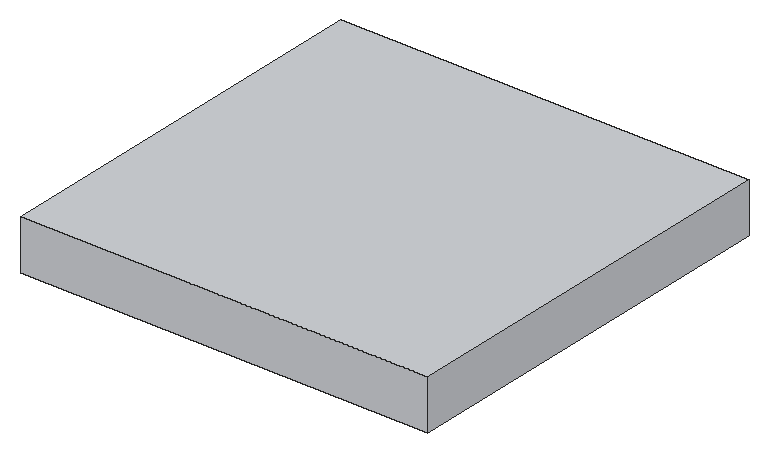
Revit family "TC - Base Wall Drop1", category Data Devices, host Face, Revit 2024
Family settings
  Host = Face
  Round Connector Dimension = Use Diameter
  Part Type = Normal
  OmniClass Number = 23.85.50.17.11
  OmniClass Title = Computer Network Equipment
  Cut with Voids When Loaded = No
  Maintain Annotation Orientation = Yes
  Shared = Yes
  Room Calculation Point = No
Parameters (values of type "TD - 1 Port")
  TC Tagging Order [instance] = ""
  TC Label Quadrant [instance] = 0
  TC Auto Orient Version = 1
  TC Auto Orient [instance] = yes
  Symbol On/Off [instance] = yes
  Shade Right [instance] = # of Ports > 1  # no
  Shade Left [instance] = 1 = 0  # no
  Mounting Type [instance] = "Wall"
  IDF Room [instance] = ""
  Floor [instance] = ""
  Elevation Tag - Rotate [instance] = no
  Elevation Tag [instance] = yes
  Data Elevation [instance] = ""
  Cable ID Tag - Right Rotate [instance] = TC Label Quadrant = 3  # no
  Cable ID Tag - Right [instance] = TC Label Quadrant = 2  # no
  Cable ID Tag [instance] = TC Label Quadrant = 0  # yes
  Cable ID Tag - Rotate [instance] = TC Label Quadrant = 1  # no
  # of Ports Tag - Rotate [instance] = TC Label Quadrant = 1  # no
  # of Ports Tag - Left Rotate [instance] = TC Label Quadrant = 3  # no
  # of Ports Tag - Left [instance] = TC Label Quadrant = 2  # no
  # of Ports Tag [instance] = TC Label Quadrant = 0  # yes
  Faceplate Width = 0' - 2 1/2"
  Faceplate Height = 0' - 4"
  Faceplate Depth = 0' - 0 3/16"
  Description = ""
  Default Elevation = 1' - 6"
  Cable ID Suffix = "TD"
  Backbox Width = 0' - 4"
  Backbox Height = 0' - 4"
  Backbox Depth = 0' - 2"
  Assembly Code = ""
  # of Ports = 1
Types (15): name | Shade Right | Mounting Type | Elevation Tag - Rotate | Elevation Tag | Default Elevation | Cable ID Suffix | # of Ports
  TD - 1 Port | no | "Wall" | no | yes | 1' - 6" | "TD" | 1
  TD - 2 Port | yes | "Wall" | yes | no | 1' - 6" | "TD" | 2
  TD - 4 Port | yes | "Wall" | no | yes | 1' - 6" | "TD" | 4
  RS - 1 Port | no | "Wall" | yes | no | 1' - 6" | "RS" | 1
  AV - 1 Port | no | "Wall" | no | yes | 1' - 6" | "AV" | 1
  AV - 2 Port | yes | "Wall" | no | yes | 1' - 6" | "AV" | 2
  AC - 1 Port | no | "Wall" | no | yes | 1' - 6" | "AC" | 1
  AC - 2 Port | yes | "Wall" | no | yes | 1' - 6" | "AC" | 2
  AV - 4 Port | yes | "Wall" | no | yes | 7' - 6" | "AV" | 4
  TD - 3 Port | yes | "Wall" | no | yes | 1' - 6" | "TD" | 3
  P - 2 Drop | yes | "Wall" | yes | no | 1' - 6" | "P" | 2
  CAM 2 | no | "" | no | yes | 1' - 6" | "CM" | 1
  O 2 | no | "" | no | yes | 1' - 6" | "O" | 0
  AV 2 | no | "" | no | yes | 1' - 6" | "AV" | 0
  AC 2 | yes | "" | no | yes | 1' - 6" | "AC" | 2
Reference planes (in)
  plane 1 "Center (Front/Back)": y = 0
  plane 2: z = 0
  plane 3 "Center (Left/Right)": x = 0
  plane 4 "Left Inside": x = -2
  plane 5 "Right Inside": x = 2
  plane 6 "Top Inside": y = 2
  plane 7 "Bottom Inside": y = -2
  plane 8 "Left Outside": x = -1.25
  plane 9 "Right Outside": x = 1.25
  plane 10 "Top Outside": y = 2
  plane 11 "Bottom Outside": y = -2
  plane 12 "Front": z = 0.1875
  plane 13 "Back": z = -2
Forms (in)
  Extrusion 1, solid
    sketch origin (0, 0, 0) x (1, 0, 0) y (0, 1, 0)
      loop
        line (-49.63881, 48) -> (-49.63881, -48) -> (48, -48) -> (48, 48) -> (-49.63881, 48)
    from 0 to -12
  Extrusion 2, solid, not visible, detail levels fine
    sketch origin (0, 0, 0) x (1, 0, 0) y (0, 1, 0)
      loop
        line (-2, 2) -> (-2, -2) -> (2, -2) -> (2, 2) -> (-2, 2)
    from -0.13408 to -2
  Extrusion 3, solid, not visible, detail levels fine
    sketch origin (0, 0, 0) x (1, 0, 0) y (0, 1, 0)
      loop
        line (-1.25, 2) -> (-1.25, -2) -> (1.25, -2) -> (1.25, 2) -> (-1.25, 2)
    from 0 to 0.1875
  Extrusion 4, solid, detail levels medium
    sketch origin (0, 0, 0) x (1, 0, 0) y (0, 1, 0)
      loop
        line (-1.25, 2) -> (-1.25, -2) -> (1.25, -2) -> (1.25, 2) -> (-1.25, 2)
    from -0.13408 to 0
Lines and regions (in)
  symbolic lines, detail levels fine
    curve 1: line (-1.25, 0, 0) -> (1.25, 0, 0)
    curve 2: line (-1.25, 0, 0.1875) -> (-1.25, 0, 0)
    curve 3: line (1.25, 0, 0.1875) -> (-1.25, 0, 0.1875)
    curve 4: line (1.25, 0, 0) -> (1.25, 0, 0.1875)
Dimensions and locks (in)
  equal spacing: plane 4 "Left Inside", plane 3 "Center (Left/Right)", plane 5 "Right Inside"
  "Backbox Width": plane 4 "Left Inside" to plane 5 "Right Inside"
  equal spacing: plane 6 "Top Inside", plane 1 "Center (Front/Back)", plane 7 "Bottom Inside"
  "Backbox Height": plane 6 "Top Inside" to plane 7 "Bottom Inside"
  equal spacing: plane 8 "Left Outside", plane 3 "Center (Left/Right)", plane 9 "Right Outside"
  "Faceplate Width": plane 8 "Left Outside" to plane 9 "Right Outside"
  equal spacing: plane 10 "Top Outside", plane 1 "Center (Front/Back)", plane 11 "Bottom Outside"
  "Faceplate Height": plane 10 "Top Outside" to plane 11 "Bottom Outside"
  "Faceplate Depth": plane 12 "Front" to plane 2
  "Backbox Depth": plane 2 to plane 13 "Back"
  aligned and locked: plane 2 to Extrusion 1
  aligned and locked: level to Extrusion 1
  aligned and locked: plane 4 "Left Inside" to Extrusion 2 sketch curve
  aligned and locked: Extrusion 2 sketch curve to plane 6 "Top Inside"
  aligned and locked: plane 7 "Bottom Inside" to Extrusion 2 sketch curve
  aligned and locked: Extrusion 2 sketch curve to plane 5 "Right Inside"
  aligned and locked: Extrusion 2 to plane 13 "Back"
  aligned and locked: plane 8 "Left Outside" to Extrusion 3 sketch curve
  aligned and locked: Extrusion 3 sketch curve to plane 10 "Top Outside"
  aligned and locked: plane 11 "Bottom Outside" to Extrusion 3 sketch curve
  aligned and locked: Extrusion 3 sketch curve to plane 9 "Right Outside"
  aligned and locked: plane 12 "Front" to Extrusion 3
  aligned and locked: plane 8 "Left Outside" to curve 2
  aligned and locked: curve 4 to plane 9 "Right Outside"
  aligned and locked: plane 12 "Front" to curve 3
  aligned and locked: curve 1 to level
  aligned and locked: plane 8 "Left Outside" to curve 1
  aligned and locked: Extrusion 4 to plane 8 "Left Outside"
  aligned and locked: plane 6 "Top Inside" to Extrusion 4
  aligned and locked: Extrusion 2 to Extrusion 4
Automatic sketch dimensions
  Extrusion 1 sketch curve to Extrusion 1 sketch curve = 8' - 1.63881"
  Extrusion 1 sketch curve to Extrusion 1 sketch curve = 8' - 0"
  Extrusion 4 sketch curve to plane 8 "Left Outside" = 0' - 0"
  Extrusion 4 sketch curve to plane 9 "Right Outside" = 0' - 0"
  Extrusion 4 sketch curve to plane 7 "Bottom Inside" = 0' - 0"
  Extrusion 4 sketch curve to plane 6 "Top Inside" = 0' - 0"
Nested families (in)
  nested 1: "TC_WALL DROP SYMBOL" at (0, 0, 0), Cable ID Suffix <- "Cable ID Suffix", # of Ports <- "# of Ports", Elevation Tag <- "Elevation Tag", Elevation Tag - Rotate <- "Elevation Tag - Rotate", # of Ports Tag <- "# of Ports Tag", Cable ID Tag <- "Cable ID Tag", Cable ID Tag - Rotate <- "Cable ID Tag - Rotate", visible <- "Symbol On/Off", Shade Left <- "Shade Left", Shade Right <- "Shade Right", # of Ports Tag - Left <- "# of Ports Tag - Left", # of Ports Tag - Left Rotate <- "# of Ports Tag - Left Rotate", Cable ID Tag - Right <- "Cable ID Tag - Right", Cable ID Tag - Right Rotate <- "Cable ID Tag - Right Rotate", # of Ports Tag - Rotate <- "# of Ports Tag - Rotate", Data Elevation <- "Data Elevation", type "TC_WALL DROP SYMBOL"
    with Shade Right no, Shade Left no, Elevation Tag - Rotate no, Elevation Tag yes, Data Elevation "", Cable ID Tag - Rotate no, Cable ID Tag - Right Rotate no, Cable ID Tag - Right no, Cable ID Tag yes, Cable ID Suffix "TD", # of Ports Tag - Rotate no, # of Ports Tag - Left Rotate no, # of Ports Tag - Left no, # of Ports Tag yes, # of Ports 1
Connectors (in)
  electrical at (0, 2, -1.06704)
    settings: on Extrusion 2, index 1, voltage 0 V, apparent load 0 VA, apparent load phase1 0 VA, apparent load phase2 0 VA, apparent load phase3 0 VA, power factor 0, load classification "Other", number of poles 1, system type 5, power factor state 1, is connector primary yes, connector utility no, sub classification motor no, connector description ""
Definition of nested family "TC_WALL DROP SYMBOL"
  Parameters (values of type "TC_WALL DROP SYMBOL")
    Shade Right [instance] = yes
    Shade Left [instance] = no
    Elevation Tag - Rotate [instance] = no
    Elevation Tag [instance] = no
    Data Elevation [instance] = ""
    Cable ID Tag - Rotate [instance] = no
    Cable ID Tag - Right Rotate [instance] = no
    Cable ID Tag - Right [instance] = no
    Cable ID Tag [instance] = yes
    Cable ID Suffix [instance] = ""
    # of Ports Tag - Rotate [instance] = no
    # of Ports Tag - Left Rotate [instance] = no
    # of Ports Tag - Left [instance] = no
    # of Ports Tag [instance] = yes
    # of Ports [instance] = 0
  Reference planes (in)
    plane 1: y = 0
    plane 2: x = 0
  Lines and regions (in)
    Filled region 1, type "Solid Black", visible <- "Shade Right"
      outline origin (0, 0, 0) x (1, 0, 0) y (0, 1, 0)
        loop
          line (0, 0) -> (0.07679, 0.133) -> (0, 0.133) -> (0, 0)
    Filled region 2, type "Solid Black", visible <- "Shade Left"
      outline origin (0, 0, 0) x (1, 0, 0) y (0, 1, 0)
        loop
          line (0, 0) -> (0, 0.133) -> (-0.07679, 0.133) -> (0, 0)
    detail lines
      curve 1: line (-0.07679, 0.133, 0) -> (0.07679, 0.133, 0)
      curve 2: line (0.07679, 0.133, 0) -> (0, 0, 0)
      curve 3: line (-0.07679, 0.133, 0) -> (0, 0, 0)
      curve 4: line (-0.06693, 0, 0) -> (0.06693, 0, 0)
  Text (in)
    label "#" at (0.06898, 0.2146, 0), shows "# of Ports", visible <- "# of Ports Tag"
    label "ID" at (-0.03732, 0.2146, 0), shows "Cable ID Suffix", visible <- "Cable ID Tag"
    label "#" at (0.1093, 0.19382, 0), shows "# of Ports", visible <- "# of Ports Tag - Rotate"
    label "ID" at (-0.08666, 0.26602, 0), shows "Cable ID Suffix", visible <- "Cable ID Tag - Rotate"
    label "Data Elevation" at (0.17412, -0.12459, 0), shows "Data Elevation", visible <- "Elevation Tag - Rotate"
    label "Data Elevation" at (0.083, -0.04006, 0), shows "Data Elevation", visible <- "Elevation Tag"
    label "ID" at (0.06845, 0.2146, 0), shows "Cable ID Suffix", visible <- "Cable ID Tag - Right"
    label "ID" at (0.10866, 0.26602, 0), shows "Cable ID Suffix", visible <- "Cable ID Tag - Right Rotate"
    label "#" at (-0.1204, 0.2146, 0), shows "# of Ports", visible <- "# of Ports Tag - Left"
    label "#" at (-0.08009, 0.19382, 0), shows "# of Ports", visible <- "# of Ports Tag - Left Rotate"
